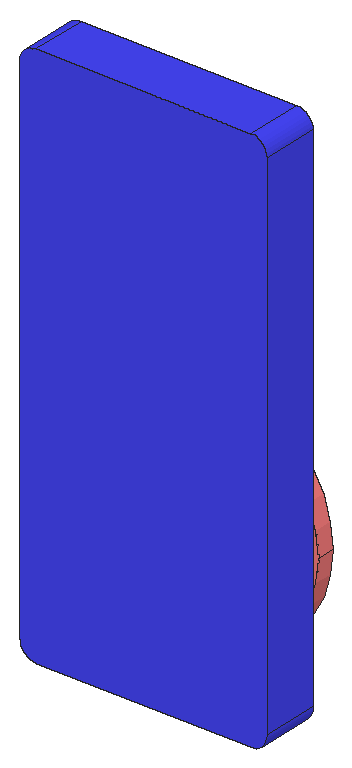
Revit family "Building-IEC309Connections-GEWISS-67IB-INTERLOCKED-SOCKET-OUTLETS_IP67_WITHOUT_BOTTOM_FUS", category Apparecchi elettrici, host Muro, Revit 2016
Family settings
  Host = Muro
  Mantenere orientamento annotazione = Sì
  Tipo di parte = Normale
  Quota connettore circolare = Usa diametro
  Numero OmniClass = 23.80.50.14
  Titolo OmniClass = Plug Connectors
  Sempre verticale = Sì
  Taglio con vuoti quando caricato = No
  Condiviso = No
  Punto di calcolo locali = No
Parameters (values of type "GW66358N - 32A 3P+E 380V V.INT.SOCK.O.N.B.3H CBF")
  Working temperature = "-25 ÷ +40 °C"
  With back-mounting box = "No"
  Weight (kg) = "Max. 0.9 Kg"
  Weight = "Max. 0.9 Kg"
  Vista di pianta [instance] = yes
  Vetro = GEWISS - vetro
  Version file RFA = "18.0"
  URL = "https://www.gewiss.com/ww/en"
  Typology = "Vertical"
  Type of fuse = "Ø 10.3x38 mm"
  Tipo Simbolo = PRESAINDPFUS : 3P
  Thermo-pressure with ball = "125 °C"
  Technical sheet = "https://www.gewiss.com/ww/en/search?q=GW66358N"
  Struttura frontale = GEWISS -BLU
  Struttura = GEWISS - Grigio RAL - 7035
  Simbolo [instance] = yes
  Shock resistance = "IK08"
  SEO = "Socket outlet"
  Reference h = "3"
  Realized by GEWISS S.p.A. = ""
  Rated voltage: = "380 - 440 V"
  Rated voltage = "380 - 440 V"
  Rated short-circuit current (Icc) = "10KA"
  Rated insulation voltage (Ui) = "500V"
  Rated impulse withstand voltage = "4KV"
  Rated frequency (Hz) = "50/60 Hz"
  Rated current (In) = "32"
  Rated current (A) = "32"
  Protection = "Fuse-holder base (CBF)"
  Produttore = "GEWISS S.p.A."
  Presa = GW - ROSSO
  Potenza = 400 V
  Operating temperature: = "-25 +40 °C"
  Numero poli = 3
  Number of poles = "3P+E"
  No. of poles = "3P+E"
  Modello = "GW66358N"
  Immagine tipo = GW66329N.jpg
  IP degree = "IP67"
  IFC.TypeObject = ""
  IFC.ExportType = ""
  IFC.ExportAs = ""
  IDT = "5410a18b-86cc-47a6-890a-93cf755ebe5d"
  IDF = "7497af57-3216-4345-8823-f8ebadf7cf6f"
  IB socket outlet rated current (In) = "28A"
  Glow wire test: = "850 °C"
  Glow Wire Test = "850 °C"
  Fuse breacking capacity = "> 50 kA"
  Frequency = "50/60 Hz"
  Electrocod = "2222"
  EAN code = "8011564742123"
  Distanza orizzontale del simbolo [instance] = 0 mm
  Distanza dal muro [instance] = 20 mm
  Descrizione = "32A 3P+E 380V V.INT.SOCK.O.N.B.3H CBF"
  Cornice simbolo [instance] = yes
  Colour: = "Red"
  Colour = "Red"
  Assembly Code = ""
  Classificazione carico = Altro
  Catalogue Range = "67 IB"
  Catalogue = "BUILDING"
  Carico apparente = 0 VA
  COBie.Tagnumber = ""
  COBie.CreatedOn = ""
  COBie.CreatebBy = ""
  COBie.ComponentRegisterItemID = ""
  COBie.Component.TagNumber = ""
  COBie.Component.Space = ""
  COBie.Component.SerialNumber = ""
  COBie.Component.InstallationDate = ""
  COBie.Component.Description = ""
  COBie.Component.BarCode = ""
  Altezza da terra = 1111.728 mm
Reference planes
  plane 1 "Muro": y = 0
  plane 2 "Centro (Sinistra/Destra)": x = 125
  plane 3 "Indietro": y = 75
  plane 4: z = 1111.728
  plane 5: x = 125
Lines and regions (mm)
  Masking region 1, visible <- "Vista di pianta"
    outline origin (0, -30, 0) x (1, 0, 0) y (0, 1, 0)
      loop
        line (78.101, 137.709) -> (78.101, 130.821) -> (171.899, 130.821) -> (171.899, 137.709) -> (78.101, 137.709)
      loop
        line (77.116, 126.991) -> (77.116, 105) -> (172.884, 105) -> (172.884, 126.991) -> (77.116, 126.991)
  Masking region 2, visible <- "Vista di pianta"
    outline origin (0, -30, 0) x (1, 0, 0) y (0, 1, 0)
      loop
        line (87.41, 126.991) -> (162.665, 126.991) -> (162.665, 130.821) -> (87.41, 130.821) -> (87.41, 126.991)
  Masking region 3
    outline origin (125, -30, 0) x (0, 1, 0) y (0, 0, 1)
      loop
        line (137.709, 1246.379) -> (137.709, 1308.54) -> (126.991, 1308.54) -> (126.991, 1246.379) -> (137.709, 1246.379)
      loop
        line (137.709, 1218.2) -> (126.991, 1218.2) -> (126.991, 1124.403) -> (137.709, 1124.403) -> (137.709, 1218.2)
  Masking region 4
    outline origin (125, -30, 0) x (0, 1, 0) y (0, 0, 1)
      loop
        line (105, 1115.344) -> (126.991, 1115.344) -> (126.991, 1328.112) -> (105, 1328.112) -> (105, 1115.344)
Text (mm)
  text "Lato posizionamento" at (-1848.837, 1116.779, 0), in view "Livello rif."
  text "Lato posizionamento" at (0, 1409.804, 2854.306), in view "Sinistra"
  text "Lato posizionamento" at (0, 499.811, 2980.732), in view "Destra"
Dimensions and locks
  locked: plane 3 "Indietro" to host wall
  "Altezza da terra": level to plane 4
  "Distanza orizzontale del simbolo": plane 5 to plane 2 "Centro (Sinistra/Destra)"
  aligned and locked: plane 1 "Muro" to host wall
  aligned and locked: nested 1 to plane 5
  aligned and locked: nested 2 to plane 2 "Centro (Sinistra/Destra)"
  aligned and locked: plane 3 "Indietro" to nested 2
Automatic sketch dimensions
  host wall to Masking region 1 sketch curve = 0 mm
  Masking region 1 sketch curve to plane 2 "Centro (Sinistra/Destra)" = 47.884 mm
  Masking region 1 sketch curve to Masking region 1 sketch curve = 0.986 mm  (x2)
  plane 2 "Centro (Sinistra/Destra)" to Masking region 1 sketch curve = 46.899 mm
  Masking region 1 sketch curve to Masking region 1 sketch curve = 21.991 mm
  Masking region 1 sketch curve to Masking region 1 sketch curve = 3.83 mm
  Masking region 1 sketch curve to Masking region 1 sketch curve = 6.888 mm
  Masking region 2 sketch curve to plane 2 "Centro (Sinistra/Destra)" = 37.59 mm
  plane 2 "Centro (Sinistra/Destra)" to Masking region 2 sketch curve = 37.665 mm
  Masking region 2 sketch curve to Masking region 2 sketch curve = 3.83 mm
  host wall to Masking region 3 sketch curve = 21.991 mm  (x2)
  Masking region 3 sketch curve to Masking region 3 sketch curve = 10.718 mm  (x2)
  plane 4 to Masking region 3 sketch curve = 12.674 mm
  Masking region 3 sketch curve to Masking region 3 sketch curve = 93.797 mm
  Masking region 3 sketch curve to Masking region 3 sketch curve = 28.179 mm
  Masking region 3 sketch curve to Masking region 3 sketch curve = 62.161 mm
  host wall to Masking region 4 sketch curve = 0 mm
  Masking region 4 sketch curve to Masking region 4 sketch curve = 21.991 mm
  plane 4 to Masking region 4 sketch curve = 3.616 mm
  Masking region 4 sketch curve to Masking region 4 sketch curve = 212.768 mm
  host wall to Masking region 2 sketch curve = 21.991 mm
Nested families
  nested 1: "PRESAINDPFUS" at (125, -325, 0), Distanza dal muro <- "Distanza dal muro", BORDO ACCESO <- "Cornice simbolo", SIMBOLO ACCESO <- "Simbolo", type <- "Tipo Simbolo", type "3P"
    with SIMBOLO ACCESO yes, Distanza dal muro 20 mm, BORDO ACCESO yes
  nested 2: "IB PRESE INTERBLOC VERT_NO FONDO" at (125, 45, 524.845) x (-1, 0, 0) z (0, 0, 1), type "IB PRESE INTERBLOC VERT_NO FONDO"
  nested 3: "2D - IB PRESE INTERBLOC VERT 63A + PORTAFUS IP67_103" at (125, 0, 1111.728) x (-1, 0, 0) z (0, -1, 0), type "BIDIMENSIONALE"
Connectors
  electrical at (125, 90, 1111.728), driven by "Numero poli", driven by "Classificazione carico", driven by "Potenza", driven by "Carico apparente"
    settings: on nested 2, index 1, voltage 400 V, apparent load 0 VA, apparent load phase1 0 VA, apparent load phase2 0 VA, apparent load phase3 0 VA, power factor 1, load classification "Altro", number of poles 3, system type 31, power factor state 1, is connector primary yes, connector utility no, sub classification motor no, connector description ""
Definition of nested family "IB PRESE INTERBLOC VERT_NO FONDO"
  Parameters (values of type "IB PRESE INTERBLOC VERT_NO FONDO")
    Vetro = none
    Struttura frontale = none
    Struttura = none
    Spessore = 30 mm
    Default Elevation = 14 mm
    Presa = none
    Lunghezza = 103 mm
    IFC.TypeObject = ""
    IFC.ExportType = ""
    IFC.ExportAs = ""
    H_da terra = 586.883 mm
    COBie.CreatedOn = ""
    COBie.CreatebBy = ""
    COBie.ComponentRegisterItemID = ""
    COBie.Component.TagNumber = ""
    COBie.Component.Space = ""
    COBie.Component.SerialNumber = ""
    COBie.Component.InstallationDate = ""
    COBie.Component.Description = ""
    COBie.Component.BarCode = ""
    Altezza = 220 mm
  Reference planes
    plane 1 "Centro (Fronte/Retro)": y = 0
    plane 2: z = 0
    plane 3 "Centro (Sinistra/Destra)": x = 0
    plane 4: y = -30
    plane 5: x = -51.5
    plane 6: x = 51.5
    plane 7: z = 586.883
    plane 8: z = 806.883
    plane 9: x = -47.884
    plane 10: x = 47.884
    plane 11: z = 803.267
    plane 12: z = 590.499
    plane 13: y = -32
    plane 14: y = -42.675
    plane 15: y = -51.991
    plane 16: y = -52.991
  Forms (mm)
    Extrusion 1, solid, material <- "Struttura"
      sketch origin (0, 0, 0) x (1, 0, 0) y (0, 0, 1)
        loop
          line (-0.408, 691.748) -> (-29.506, 691.748)
          spline (-29.506, 691.748) -> (-30.55, 691.681) -> (-31.576, 691.48) -> (-32.567, 691.148) -> (-33.505, 690.693) -> (-34.375, 690.12) -> (-35.161, 689.441) -> (-35.851, 688.666) -> (-36.432, 687.809) -> (-36.895, 686.885) -> (-37.231, 685.909) -> (-37.435, 684.898) -> (-37.503, 683.87)
          line (-37.503, 683.87) -> (-37.503, 615.12)
          spline (-37.503, 615.12) -> (-37.435, 614.091) -> (-37.231, 613.081) -> (-36.895, 612.105) -> (-36.432, 611.18) -> (-35.851, 610.324) -> (-35.161, 609.549) -> (-34.375, 608.869) -> (-33.505, 608.297) -> (-32.567, 607.841) -> (-31.576, 607.51) -> (-30.55, 607.309) -> (-29.506, 607.241)
          line (-29.506, 607.241) -> (0, 607.241) -> (29.506, 607.241)
          spline (29.506, 607.241) -> (30.55, 607.309) -> (31.576, 607.51) -> (32.567, 607.841) -> (33.505, 608.297) -> (34.375, 608.869) -> (35.161, 609.549) -> (35.851, 610.324) -> (36.432, 611.18) -> (36.895, 612.105) -> (37.231, 613.081) -> (37.435, 614.091) -> (37.503, 615.12)
          line (37.503, 615.12) -> (37.503, 683.87)
          spline (37.503, 683.87) -> (37.435, 684.898) -> (37.231, 685.909) -> (36.895, 686.885) -> (36.432, 687.809) -> (35.851, 688.666) -> (35.161, 689.441) -> (34.375, 690.12) -> (33.505, 690.693) -> (32.567, 691.148) -> (31.576, 691.48) -> (30.55, 691.681) -> (29.506, 691.748)
          line (29.506, 691.748) -> (-0.408, 691.748)
      from 51.991 to 55.821
    Extrusion 2, solid, material <- "Presa"
      sketch origin (0, 0, 0) x (1, 0, 0) y (0, 0, 1)
        loop
          circle (0, 646.456) r 46.899
      from 55.821 to 62.709
    Extrusion 3, solid, material <- "Struttura"
      sketch origin (0, 0, 0) x (1, 0, 0) y (0, 0, 1)
        loop
          circle (0, 752.384) r 30.831
        loop
          circle (0, 752.384) r 26.483
      from 51.991 to 62.709
    Extrusion 4, solid, material <- "Struttura"
      sketch origin (0, 0, 0) x (1, 0, 0) y (0, 0, 1)
        loop
          arc (-9.552, 750.899) -> (-7.429, 739.645) -> (-7.314, 728.193) r 64.983
          arc (-7.314, 728.193) -> (-0.131, 727.067) -> (7.064, 728.115) r 24.316
          arc (7.064, 728.115) -> (7.302, 739.566) -> (9.547, 750.796) r 64.983
          arc (9.547, 750.796) -> (5.519, 762.425) -> (4.215, 774.661) r 54.251
          line (4.215, 774.661) -> (4.25, 777.658)
          arc (4.25, 777.658) -> (3.985, 778.329) -> (3.336, 778.647) r 1
          arc (3.336, 778.647) -> (0.147, 778.794) -> (-3.043, 778.682) r 39.364
          arc (-3.043, 778.682) -> (-3.695, 778.371) -> (-3.967, 777.702) r 1
          line (-3.967, 777.702) -> (-3.964, 774.706)
          arc (-3.964, 774.706) -> (-5.4, 762.483) -> (-9.552, 750.899) r 54.251
      from 51.991 to 62.709
    Extrusion 5, solid, material <- "Struttura frontale"
      sketch origin (0, 0, 0) x (1, 0, 0) y (0, 0, 1)
        loop
          arc (47.884, 796.962) -> (46.037, 801.42) -> (41.578, 803.267) r 6.306
          line (41.578, 803.267) -> (-41.578, 803.267)
          arc (-41.578, 803.267) -> (-46.037, 801.42) -> (-47.884, 796.962) r 6.306
          line (-47.884, 796.962) -> (-47.884, 597.014)
          arc (-47.884, 597.014) -> (-45.976, 592.407) -> (-41.369, 590.499) r 6.515
          line (-41.369, 590.499) -> (41.369, 590.499)
          arc (41.369, 590.499) -> (45.976, 592.407) -> (47.884, 597.014) r 6.515
          line (47.884, 597.014) -> (47.884, 796.962)
      from 30 to 51.991
    Extrusion 6, solid, material <- "Struttura frontale"
      sketch origin (-151.5, 0, -2.644) x (1, 0, 0) y (0, 0, 1)
        loop
          line (111.678, 714.099) -> (111.833, 703.593)
          spline (111.833, 703.593) -> (111.86, 703.272) -> (111.928, 702.956) -> (112.037, 702.651) -> (112.186, 702.363) -> (112.371, 702.095) -> (112.59, 701.853) -> (112.839, 701.641) -> (113.113, 701.463) -> (113.408, 701.32) -> (113.719, 701.217) -> (114.04, 701.154) -> (114.367, 701.133)
          line (114.367, 701.133) -> (128.633, 701.133)
          spline (128.633, 701.133) -> (128.96, 701.154) -> (129.281, 701.217) -> (129.592, 701.32) -> (129.887, 701.463) -> (130.161, 701.641) -> (130.41, 701.853) -> (130.629, 702.095) -> (130.814, 702.363) -> (130.963, 702.651) -> (131.072, 702.956) -> (131.14, 703.272) -> (131.167, 703.593)
          line (131.167, 703.593) -> (131.322, 714.099) -> (111.678, 714.099)
        loop
          line (171.678, 714.099) -> (171.833, 703.593)
          spline (171.833, 703.593) -> (171.86, 703.272) -> (171.928, 702.956) -> (172.037, 702.651) -> (172.186, 702.363) -> (172.371, 702.095) -> (172.59, 701.853) -> (172.839, 701.641) -> (173.113, 701.463) -> (173.408, 701.32) -> (173.719, 701.217) -> (174.04, 701.154) -> (174.367, 701.133)
          line (174.367, 701.133) -> (188.633, 701.133)
          spline (188.633, 701.133) -> (188.96, 701.154) -> (189.281, 701.217) -> (189.592, 701.32) -> (189.887, 701.463) -> (190.161, 701.641) -> (190.41, 701.853) -> (190.629, 702.095) -> (190.814, 702.363) -> (190.963, 702.651) -> (191.072, 702.956) -> (191.14, 703.272) -> (191.167, 703.593)
          line (191.167, 703.593) -> (191.322, 714.099) -> (171.678, 714.099)
      from 51.991 to 52.991
  Dimensions and locks
    "H_da terra": plane 7 to level
    "Altezza": plane 8 to plane 7
    equal spacing: plane 5, plane 3 "Centro (Sinistra/Destra)", plane 6
    "Lunghezza": plane 5 to plane 6
    locked: plane 8 to plane 11 at 3.616
    locked: plane 12 to plane 7 at 3.616
    locked: plane 5 to plane 9 at 3.616
    locked: plane 6 to plane 10 at 3.616
    "Spessore": plane 4 to plane 1 "Centro (Fronte/Retro)"
    locked: plane 13 to plane 4 at 2
    plane 14 to plane 4 = 12.675 mm
    locked: Extrusion 5 to plane 14 at 9.315
    locked: plane 15 to plane 16 at 1
    aligned and locked: level to plane 2
    aligned and locked: Extrusion 5 sketch curve to plane 10
    aligned and locked: Extrusion 5 sketch curve to plane 9
    aligned and locked: Extrusion 5 sketch curve to plane 12
    aligned and locked: Extrusion 5 sketch curve to plane 11
    aligned and locked: plane 4 to Extrusion 5
    aligned and locked: Extrusion 3 to Extrusion 5
    aligned and locked: Extrusion 3 to Extrusion 4  (x2)
    aligned and locked: Extrusion 3 to Extrusion 2
    aligned and locked: Extrusion 2 to Extrusion 1
    aligned and locked: Extrusion 6 to Extrusion 1
    aligned and locked: plane 15 to Extrusion 5
    aligned and locked: Extrusion 6 to plane 16
  Automatic sketch dimensions
    Extrusion 1 sketch curve to plane 9 = 10.381 mm
    Extrusion 1 sketch curve to Extrusion 1 sketch curve = 7.997 mm  (x3)
    Extrusion 1 sketch curve to plane 10 = 18.378 mm  (x2)
    Extrusion 1 sketch curve to plane 12 = 16.742 mm
    Extrusion 1 sketch curve to Extrusion 1 sketch curve = 7.878 mm  (x3)
    Extrusion 1 sketch curve to Extrusion 1 sketch curve = 68.75 mm
    Extrusion 1 sketch curve to Extrusion 1 sketch curve = 0 mm
    Extrusion 1 sketch curve to Extrusion 1 sketch curve = 21.102 mm
    Extrusion 1 sketch curve to Extrusion 1 sketch curve = 21.51 mm
    Extrusion 2 sketch curve to plane 3 "Centro (Sinistra/Destra)" = 0 mm
    Extrusion 2 sketch curve to plane 12 = 55.957 mm
    Extrusion 3 sketch curve to Extrusion 3 sketch curve = 0 mm  (x2)
    Extrusion 3 sketch curve to plane 3 "Centro (Sinistra/Destra)" = 0 mm
    Extrusion 3 sketch curve to plane 11 = 50.884 mm
    plane 5 to Extrusion 4 sketch curve = 6.715 mm
    Extrusion 4 sketch curve to plane 3 "Centro (Sinistra/Destra)" = 3.967 mm
    Extrusion 4 sketch curve to Extrusion 4 sketch curve = 0.003 mm
    Extrusion 4 sketch curve to Extrusion 4 sketch curve = 1 mm  (x2)
    Extrusion 4 sketch curve to plane 3 "Centro (Sinistra/Destra)" = 0.064 mm
    plane 3 "Centro (Sinistra/Destra)" to Extrusion 4 sketch curve = 3.25 mm
    Extrusion 4 sketch curve to Extrusion 4 sketch curve = 0.965 mm
    plane 6 to Extrusion 4 sketch curve = 6.965 mm
    Extrusion 4 sketch curve to plane 11 = 29.014 mm
    Extrusion 4 sketch curve to plane 11 = 28.606 mm
    Extrusion 4 sketch curve to plane 11 = 28.387 mm
    Extrusion 4 sketch curve to Extrusion 4 sketch curve = 0.044 mm
    Extrusion 4 sketch curve to Extrusion 4 sketch curve = 2.99 mm
    Extrusion 4 sketch curve to Extrusion 4 sketch curve = 0.007 mm
    Extrusion 4 sketch curve to Extrusion 4 sketch curve = 2.979 mm
    Extrusion 4 sketch curve to Extrusion 4 sketch curve = 0.018 mm
    Extrusion 4 sketch curve to plane 3 "Centro (Sinistra/Destra)" = 9.552 mm
    Extrusion 4 sketch curve to Extrusion 4 sketch curve = 0.076 mm
    plane 3 "Centro (Sinistra/Destra)" to Extrusion 4 sketch curve = 9.547 mm
    Extrusion 4 sketch curve to plane 3 "Centro (Sinistra/Destra)" = 0 mm
    plane 5 to Extrusion 4 sketch curve = 20.598 mm
    plane 6 to Extrusion 4 sketch curve = 20.4 mm
    Extrusion 4 sketch curve to Extrusion 4 sketch curve = 0.587 mm
    Extrusion 4 sketch curve to plane 3 "Centro (Sinistra/Destra)" = 7.314 mm
    plane 3 "Centro (Sinistra/Destra)" to Extrusion 4 sketch curve = 7.064 mm
    Extrusion 4 sketch curve to Extrusion 4 sketch curve = 11.238 mm
    Extrusion 4 sketch curve to Extrusion 4 sketch curve = 11.315 mm
    Extrusion 5 sketch curve to plane 9 = 6.306 mm
    Extrusion 5 sketch curve to plane 9 = 6.515 mm
    Extrusion 5 sketch curve to Extrusion 5 sketch curve = 6.515 mm
    Extrusion 5 sketch curve to Extrusion 5 sketch curve = 6.306 mm
    Extrusion 6 sketch curve to plane 6 = 31.322 mm
    Extrusion 6 sketch curve to plane 11 = 91.813 mm
    Extrusion 6 sketch curve to Extrusion 6 sketch curve = 40.355 mm
    Extrusion 6 sketch curve to Extrusion 6 sketch curve = 19.645 mm  (x2)
    Extrusion 6 sketch curve to Extrusion 6 sketch curve = 0.156 mm  (x2)
    Extrusion 6 sketch curve to Extrusion 6 sketch curve = 10.506 mm  (x2)
    Extrusion 6 sketch curve to Extrusion 6 sketch curve = 0 mm  (x4)
    Extrusion 6 sketch curve to Extrusion 6 sketch curve = 2.503 mm
    Extrusion 6 sketch curve to Extrusion 6 sketch curve = 0.03 mm  (x4)
    Extrusion 6 sketch curve to Extrusion 6 sketch curve = 2.367 mm  (x3)
    Extrusion 6 sketch curve to Extrusion 6 sketch curve = 0.826 mm
    Extrusion 6 sketch curve to Extrusion 6 sketch curve = 11.93 mm
    Extrusion 6 sketch curve to Extrusion 6 sketch curve = 1.635 mm
    Extrusion 6 sketch curve to Extrusion 6 sketch curve = 0.137 mm  (x2)
    Extrusion 6 sketch curve to Extrusion 6 sketch curve = 2.46 mm  (x3)
    Extrusion 6 sketch curve to Extrusion 6 sketch curve = 2.533 mm  (x2)
    Extrusion 6 sketch curve to Extrusion 6 sketch curve = 2.689 mm
    radius of Extrusion 2 sketch curve = 46.899 mm
    radius of Extrusion 3 sketch curve = 30.831 mm
    radius of Extrusion 3 sketch curve = 26.483 mm
Definition of nested family "PRESAINDPFUS"
  Parameters (values of type "2P")
    SIMBOLO ACCESO [instance] = yes
    SIMBOLO = PRESAINDPFUS_BASE : 2P
    Distanza dal muro [instance] = 0 mm
    BORDO ACCESO [instance] = yes
  Types (2, lengths in mm): name | SIMBOLO
    2P | PRESAINDPFUS_BASE : 2P
    3P | PRESAINDPFUS_BASE : 3P
  Reference planes
    plane 1: y = 0
    plane 2: x = 0
  Dimensions and locks
    "Distanza dal muro": plane 1 to nested 1
    aligned and locked: plane 2 to nested 1
  Nested families
    nested 1: "PRESAINDPFUS_BASE" at (0, 0, 0), type <- "SIMBOLO", CORNICE SIMBOLO <- "BORDO ACCESO", visible <- "SIMBOLO ACCESO", type "2P"
  Definition of nested family "PRESAINDPFUS_BASE"
    Parameters (values of type "3P")
      CORNICE SIMBOLO [instance] = yes
      3P = yes
    Types (2, lengths in mm): name | 3P
      3P | yes
      2P | no
    Reference planes
      plane 1: y = 0
      plane 2: x = 0
    Lines and regions (mm)
      detail lines, visible <- "CORNICE SIMBOLO"
        curve 1: line (-0.9, 2.3, 0) -> (0.9, 2.3, 0)
        curve 2: line (0.9, 2.3, 0) -> (0.9, 0, 0)
        curve 3: line (0.9, 0, 0) -> (-0.9, 0, 0)
        curve 4: line (-0.9, 0, 0) -> (-0.9, 2.3, 0)
      detail lines, not visible
        curve 5: line (-2.443, 10.208, 0) -> (2.057, 10.208, 0)
        curve 6: line (2.057, 10.208, 0) -> (2.057, 4.208, 0)
        curve 7: line (2.057, 4.208, 0) -> (-2.443, 4.208, 0)
        curve 8: line (-2.443, 4.208, 0) -> (-2.443, 10.208, 0)
        curve 9: line (-2.043, 9.808, 0) -> (1.657, 9.808, 0)
        curve 10: line (1.657, 9.808, 0) -> (1.657, 4.608, 0)
        curve 11: line (1.657, 4.608, 0) -> (-2.043, 4.608, 0)
        curve 12: line (-2.043, 4.608, 0) -> (-2.043, 9.808, 0)
      detail lines
        curve 13: line (-0.45, 0.969, 0) -> (-0.167, 0.969, 0)
        curve 14: line (-0.167, 0.969, 0) -> (0.33, 1.829, 0)
        curve 15: line (0.33, 1.829, 0) -> (0.836, 1.536, 0)
        curve 16: line (-0.167, 0.969, 0) -> (-0.45, 0.478, 0)
        curve 17: line (-0.45, 0.478, 0) -> (-0.45, 2.241, 0)
        curve 18: line (0.135, 1.491, 0) -> (0.641, 1.199, 0)
        curve 19: line (-0.84, 0.478, 0) -> (-0.06, 0.478, 0)
        curve 20: line (-0.45, 0.852, 0) -> (-0.333, 0.969, 0)
        curve 21: line (-0.45, 0.783, 0) -> (-0.264, 0.969, 0)
        curve 22: line (-0.45, 0.714, 0) -> (-0.195, 0.969, 0)
        curve 23: line (-0.45, 0.645, 0) -> (-0.223, 0.872, 0)
        curve 24: line (-0.45, 0.576, 0) -> (-0.317, 0.709, 0)
        curve 26: arc (-0.84, 0.089, 0) -> (-0.45, 0.478, 0) -> (-0.06, 0.089, 0) r 0.39
        curve 27: line (-0.608, 1.143, 0) -> (-0.608, 1.964, 0)
        curve 28: line (-0.608, 1.964, 0) -> (-0.292, 1.964, 0)
        curve 29: line (-0.292, 1.964, 0) -> (-0.292, 1.143, 0)
        curve 30: line (-0.292, 1.143, 0) -> (-0.608, 1.143, 0)
      detail lines, visible <- "3P"
        curve 25: line (-0.06, 1.154, 0) -> (0.446, 0.861, 0)
Definition of nested family "2D - IB PRESE INTERBLOC VERT 63A + PORTAFUS IP67_103"
  Reference planes
    plane 1 "Centro (Fronte/Retro)": y = 0
    plane 2: z = 0
    plane 3 "Centro (Sinistra/Destra)": x = 0
  Lines and regions (mm)
    model lines, in view "Livello rif."
      curve 1: line (-11.497, 59.819, 0) -> (11.787, 59.819, 0)
      curve 2: arc (16.5, 109.807, 0) -> (16.207, 110.514, 0) -> (15.5, 110.807, 0) r 1
      curve 3: arc (-15.5, 110.807, 0) -> (-16.207, 110.514, 0) -> (-16.5, 109.807, 0) r 1
      curve 4: spline (29.5, 21.126, 0) -> (30.544, 21.194, 0) -> (31.57, 21.395, 0) -> (32.56, 21.728, 0) -> (33.499, 22.185, 0) -> (34.369, 22.759, 0) -> (35.155, 23.441, 0) -> (35.845, 24.218, 0) -> (36.427, 25.078, 0) -> (36.89, 26.005, 0) -> (37.226, 26.984, 0) -> (37.431, 27.998, 0) -> (37.5, 29.03, 0)
      curve 5: spline (-37.5, 29.025, 0) -> (-37.43, 27.994, 0) -> (-37.225, 26.98, 0) -> (-36.888, 26.002, 0) -> (-36.425, 25.075, 0) -> (-35.843, 24.216, 0) -> (-35.154, 23.439, 0) -> (-34.367, 22.758, 0) -> (-33.497, 22.184, 0) -> (-32.559, 21.727, 0) -> (-31.569, 21.395, 0) -> (-30.543, 21.194, 0) -> (-29.5, 21.126, 0)
      curve 6: spline (-34.559, 79.268, 0) -> (-34.539, 79.119, 0) -> (-34.479, 78.943, 0) -> (-34.38, 78.742, 0) -> (-34.243, 78.521, 0) -> (-34.072, 78.282, 0) -> (-33.869, 78.031, 0) -> (-33.637, 77.771, 0) -> (-33.381, 77.506, 0) -> (-33.104, 77.242, 0) -> (-32.812, 76.983, 0) -> (-32.51, 76.733, 0) -> (-32.202, 76.496, 0)
      curve 7: spline (-26.332, 86.8, 0) -> (-26.317, 86.647, 0) -> (-26.271, 86.458, 0) -> (-26.196, 86.236, 0) -> (-26.092, 85.985, 0) -> (-25.961, 85.709, 0) -> (-25.807, 85.413, 0) -> (-25.63, 85.103, 0) -> (-25.435, 84.782, 0) -> (-25.224, 84.458, 0) -> (-25.002, 84.135, 0) -> (-24.771, 83.819, 0) -> (-24.537, 83.516, 0)
      curve 8: spline (-43.546, 59.6, 0) -> (-43.52, 59.463, 0) -> (-43.444, 59.321, 0) -> (-43.319, 59.177, 0) -> (-43.147, 59.033, 0) -> (-42.931, 58.892, 0) -> (-42.675, 58.757, 0) -> (-42.383, 58.629, 0) -> (-42.06, 58.51, 0) -> (-41.712, 58.404, 0) -> (-41.345, 58.311, 0) -> (-40.964, 58.233, 0) -> (-40.577, 58.171, 0)
      curve 9: spline (-40.43, 69.99, 0) -> (-40.406, 69.847, 0) -> (-40.336, 69.687, 0) -> (-40.22, 69.513, 0) -> (-40.061, 69.328, 0) -> (-39.86, 69.136, 0) -> (-39.622, 68.939, 0) -> (-39.351, 68.741, 0) -> (-39.052, 68.545, 0) -> (-38.728, 68.355, 0) -> (-38.387, 68.175, 0) -> (-38.033, 68.006, 0) -> (-37.673, 67.852, 0)
      curve 10: spline (-40.846, 38.237, 0) -> (-40.787, 38.136, 0) -> (-40.688, 38.054, 0) -> (-40.551, 37.992, 0) -> (-40.377, 37.951, 0) -> (-40.17, 37.93, 0) -> (-39.932, 37.931, 0) -> (-39.667, 37.954, 0) -> (-39.378, 37.998, 0) -> (-39.07, 38.062, 0) -> (-38.748, 38.146, 0) -> (-38.416, 38.248, 0) -> (-38.079, 38.367, 0)
      curve 11: spline (-43.691, 48.765, 0) -> (-43.651, 48.64, 0) -> (-43.563, 48.522, 0) -> (-43.429, 48.415, 0) -> (-43.251, 48.32, 0) -> (-43.032, 48.238, 0) -> (-42.776, 48.17, 0) -> (-42.486, 48.118, 0) -> (-42.168, 48.083, 0) -> (-41.826, 48.065, 0) -> (-41.465, 48.064, 0) -> (-41.093, 48.081, 0) -> (-40.715, 48.114, 0)
      curve 12: spline (-34.579, 28.988, 0) -> (-34.529, 28.939, 0) -> (-34.457, 28.908, 0) -> (-34.364, 28.897, 0) -> (-34.251, 28.904, 0) -> (-34.119, 28.931, 0) -> (-33.971, 28.976, 0) -> (-33.807, 29.04, 0) -> (-33.631, 29.12, 0) -> (-33.444, 29.217, 0) -> (-33.25, 29.329, 0) -> (-33.05, 29.455, 0) -> (-32.847, 29.592, 0)
      curve 13: spline (-17.008, 15.964, 0) -> (-16.976, 15.958, 0) -> (-16.936, 15.975, 0) -> (-16.887, 16.015, 0) -> (-16.83, 16.077, 0) -> (-16.765, 16.161, 0) -> (-16.694, 16.266, 0) -> (-16.617, 16.39, 0) -> (-16.536, 16.532, 0) -> (-16.45, 16.691, 0) -> (-16.361, 16.865, 0) -> (-16.27, 17.051, 0) -> (-16.178, 17.248, 0)
      curve 14: spline (15.2, 16.867, 0) -> (15.282, 16.677, 0) -> (15.364, 16.495, 0) -> (15.444, 16.326, 0) -> (15.522, 16.17, 0) -> (15.596, 16.029, 0) -> (15.666, 15.904, 0) -> (15.732, 15.797, 0) -> (15.792, 15.708, 0) -> (15.846, 15.64, 0) -> (15.893, 15.591, 0) -> (15.933, 15.564, 0) -> (15.965, 15.558, 0)
      curve 15: spline (34.501, 27.901, 0) -> (34.51, 27.913, 0) -> (34.519, 27.925, 0) -> (34.526, 27.938, 0) -> (34.533, 27.952, 0) -> (34.539, 27.966, 0) -> (34.544, 27.981, 0) -> (34.549, 27.997, 0) -> (34.552, 28.013, 0) -> (34.555, 28.03, 0) -> (34.557, 28.047, 0) -> (34.558, 28.065, 0) -> (34.559, 28.084, 0)
      curve 16: spline (32.202, 28.803, 0) -> (32.467, 28.613, 0) -> (32.728, 28.439, 0) -> (32.982, 28.283, 0) -> (33.227, 28.146, 0) -> (33.458, 28.03, 0) -> (33.674, 27.938, 0) -> (33.871, 27.869, 0) -> (34.047, 27.824, 0) -> (34.2, 27.805, 0) -> (34.328, 27.812, 0) -> (34.428, 27.844, 0) -> (34.501, 27.901, 0)
      curve 17: spline (24.537, 21.783, 0) -> (24.725, 21.552, 0) -> (24.912, 21.335, 0) -> (25.094, 21.133, 0) -> (25.27, 20.951, 0) -> (25.438, 20.789, 0) -> (25.596, 20.649, 0) -> (25.742, 20.533, 0) -> (25.875, 20.442, 0) -> (25.993, 20.377, 0) -> (26.095, 20.339, 0) -> (26.18, 20.329, 0) -> (26.247, 20.346, 0)
      curve 18: spline (32.202, 28.803, 0) -> (32.392, 28.667, 0) -> (32.58, 28.541, 0) -> (32.763, 28.428, 0) -> (32.939, 28.329, 0) -> (33.107, 28.244, 0) -> (33.263, 28.176, 0) -> (33.407, 28.124, 0) -> (33.536, 28.089, 0) -> (33.648, 28.072, 0) -> (33.744, 28.074, 0) -> (33.82, 28.093, 0) -> (33.877, 28.13, 0)
      curve 19: spline (37.673, 37.447, 0) -> (37.996, 37.324, 0) -> (38.314, 37.217, 0) -> (38.624, 37.127, 0) -> (38.92, 37.055, 0) -> (39.2, 37.003, 0) -> (39.458, 36.971, 0) -> (39.692, 36.96, 0) -> (39.898, 36.97, 0) -> (40.073, 37, 0) -> (40.215, 37.051, 0) -> (40.323, 37.121, 0) -> (40.394, 37.21, 0)
      curve 20: spline (40.577, 47.128, 0) -> (40.951, 47.085, 0) -> (41.32, 47.059, 0) -> (41.677, 47.051, 0) -> (42.016, 47.061, 0) -> (42.333, 47.087, 0) -> (42.621, 47.131, 0) -> (42.876, 47.192, 0) -> (43.095, 47.268, 0) -> (43.273, 47.357, 0) -> (43.409, 47.46, 0) -> (43.498, 47.574, 0) -> (43.542, 47.697, 0)
      curve 21: spline (38.079, 66.932, 0) -> (38.442, 67.078, 0) -> (38.8, 67.238, 0) -> (39.145, 67.41, 0) -> (39.472, 67.592, 0) -> (39.775, 67.781, 0) -> (40.049, 67.972, 0) -> (40.289, 68.163, 0) -> (40.491, 68.35, 0) -> (40.653, 68.531, 0) -> (40.77, 68.702, 0) -> (40.841, 68.861, 0) -> (40.865, 69.003, 0)
      curve 22: spline (40.715, 57.185, 0) -> (41.104, 57.237, 0) -> (41.486, 57.305, 0) -> (41.855, 57.39, 0) -> (42.205, 57.488, 0) -> (42.529, 57.599, 0) -> (42.822, 57.72, 0) -> (43.078, 57.849, 0) -> (43.295, 57.985, 0) -> (43.467, 58.125, 0) -> (43.593, 58.266, 0) -> (43.669, 58.406, 0) -> (43.694, 58.542, 0)
      curve 23: spline (25.377, 82.91, 0) -> (25.62, 83.208, 0) -> (25.858, 83.518, 0) -> (26.088, 83.835, 0) -> (26.306, 84.154, 0) -> (26.508, 84.47, 0) -> (26.69, 84.776, 0) -> (26.85, 85.068, 0) -> (26.985, 85.34, 0) -> (27.093, 85.589, 0) -> (27.171, 85.809, 0) -> (27.218, 85.997, 0) -> (27.234, 86.15, 0)
      curve 24: spline (5.876, 90.779, 0) -> (5.932, 91.152, 0) -> (5.987, 91.536, 0) -> (6.041, 91.925, 0) -> (6.091, 92.312, 0) -> (6.138, 92.69, 0) -> (6.18, 93.052, 0) -> (6.217, 93.394, 0) -> (6.248, 93.708, 0) -> (6.273, 93.99, 0) -> (6.291, 94.235, 0) -> (6.302, 94.437, 0) -> (6.306, 94.595, 0)
      curve 25: spline (-16.312, 92.076, 0) -> (-16.302, 91.919, 0) -> (-16.274, 91.721, 0) -> (-16.227, 91.484, 0) -> (-16.163, 91.212, 0) -> (-16.082, 90.91, 0) -> (-15.986, 90.583, 0) -> (-15.877, 90.237, 0) -> (-15.756, 89.878, 0) -> (-15.625, 89.512, 0) -> (-15.487, 89.144, 0) -> (-15.345, 88.782, 0) -> (-15.2, 88.432, 0)
      curve 26: spline (-27.175, 21.015, 0) -> (-27.113, 20.981, 0) -> (-27.03, 20.977, 0) -> (-26.928, 21.002, 0) -> (-26.807, 21.056, 0) -> (-26.668, 21.138, 0) -> (-26.514, 21.248, 0) -> (-26.346, 21.384, 0) -> (-26.167, 21.545, 0) -> (-25.978, 21.728, 0) -> (-25.782, 21.931, 0) -> (-25.581, 22.153, 0) -> (-25.377, 22.389, 0)
      curve 27: spline (-6.283, 12.574, 0) -> (-6.267, 12.583, 0) -> (-6.246, 12.623, 0) -> (-6.221, 12.694, 0) -> (-6.193, 12.797, 0) -> (-6.161, 12.928, 0) -> (-6.126, 13.088, 0) -> (-6.089, 13.274, 0) -> (-6.049, 13.484, 0) -> (-6.008, 13.716, 0) -> (-5.965, 13.968, 0) -> (-5.921, 14.237, 0) -> (-5.876, 14.52, 0)
      curve 28: spline (15.2, 16.867, 0) -> (15.315, 16.602, 0) -> (15.429, 16.35, 0) -> (15.54, 16.115, 0) -> (15.648, 15.899, 0) -> (15.751, 15.704, 0) -> (15.848, 15.533, 0) -> (15.938, 15.388, 0) -> (16.02, 15.269, 0) -> (16.093, 15.179, 0) -> (16.157, 15.117, 0) -> (16.211, 15.086, 0) -> (16.253, 15.084, 0)
      curve 29: spline (16.253, 15.084, 0) -> (16.262, 15.089, 0) -> (16.271, 15.096, 0) -> (16.279, 15.105, 0) -> (16.286, 15.116, 0) -> (16.292, 15.128, 0) -> (16.297, 15.143, 0) -> (16.301, 15.16, 0) -> (16.305, 15.179, 0) -> (16.308, 15.2, 0) -> (16.31, 15.223, 0) -> (16.311, 15.248, 0) -> (16.312, 15.275, 0)
      curve 30: spline (27.234, 89.228, 0) -> (26.474, 89.779, 0) -> (25.701, 90.314, 0) -> (24.916, 90.833, 0) -> (24.118, 91.335, 0) -> (23.31, 91.821, 0) -> (22.49, 92.291, 0) -> (21.66, 92.743, 0) -> (20.819, 93.179, 0) -> (19.969, 93.597, 0) -> (19.109, 93.998, 0) -> (18.24, 94.38, 0) -> (17.362, 94.745, 0)
      curve 31: spline (40.865, 72.082, 0) -> (40.499, 72.916, 0) -> (40.114, 73.742, 0) -> (39.71, 74.56, 0) -> (39.288, 75.37, 0) -> (38.846, 76.171, 0) -> (38.386, 76.963, 0) -> (37.908, 77.745, 0) -> (37.411, 78.517, 0) -> (36.897, 79.279, 0) -> (36.366, 80.03, 0) -> (35.817, 80.77, 0) -> (35.251, 81.498, 0)
      curve 32: spline (43.546, 50.828, 0) -> (43.618, 51.319, 0) -> (43.684, 51.81, 0) -> (43.744, 52.303, 0) -> (43.798, 52.796, 0) -> (43.845, 53.289, 0) -> (43.886, 53.783, 0) -> (43.921, 54.278, 0) -> (43.949, 54.772, 0) -> (43.972, 55.267, 0) -> (43.987, 55.763, 0) -> (43.997, 56.258, 0) -> (44, 56.754, 0)
      curve 33: spline (44, 58.464, 0) -> (43.978, 59.772, 0) -> (43.912, 61.079, 0) -> (43.802, 62.384, 0) -> (43.648, 63.684, 0) -> (43.45, 64.979, 0) -> (43.209, 66.268, 0) -> (42.925, 67.549, 0) -> (42.597, 68.821, 0) -> (42.227, 70.082, 0) -> (41.815, 71.332, 0) -> (41.36, 72.569, 0) -> (40.865, 73.792, 0)
      curve 34: spline (40.865, 73.792, 0) -> (38.386, 78.673, 0) -> (35.251, 83.208, 0) -> (31.512, 87.32, 0) -> (27.234, 90.938, 0) -> (22.49, 94.001, 0) -> (17.362, 96.455, 0) -> (11.936, 98.26, 0) -> (6.306, 99.383, 0) -> (0.568, 99.807, 0) -> (-5.179, 99.523, 0) -> (-10.838, 98.536, 0) -> (-16.312, 96.864, 0)
      curve 35: spline (6.306, 97.673, 0) -> (5.355, 97.793, 0) -> (4.401, 97.893, 0) -> (3.445, 97.973, 0) -> (2.487, 98.034, 0) -> (1.528, 98.075, 0) -> (0.568, 98.097, 0) -> (-0.392, 98.099, 0) -> (-1.351, 98.081, 0) -> (-2.31, 98.043, 0) -> (-3.268, 97.986, 0) -> (-4.225, 97.909, 0) -> (-5.179, 97.813, 0)
      curve 36: spline (-16.312, 96.864, 0) -> (-20.281, 95.156, 0) -> (-24.05, 93.087, 0) -> (-27.583, 90.678, 0) -> (-30.844, 87.951, 0) -> (-33.801, 84.934, 0) -> (-36.426, 81.656, 0) -> (-38.692, 78.15, 0) -> (-40.578, 74.451, 0) -> (-42.064, 70.594, 0) -> (-43.136, 66.617, 0) -> (-43.783, 62.561, 0) -> (-44, 58.464, 0)
      curve 37: spline (-44, 56.754, 0) -> (-43.998, 56.347, 0) -> (-43.991, 55.941, 0) -> (-43.981, 55.534, 0) -> (-43.966, 55.128, 0) -> (-43.947, 54.722, 0) -> (-43.923, 54.316, 0) -> (-43.896, 53.91, 0) -> (-43.864, 53.505, 0) -> (-43.828, 53.1, 0) -> (-43.787, 52.695, 0) -> (-43.743, 52.291, 0) -> (-43.694, 51.887, 0)
      curve 38: spline (-34.559, 82.345, 0) -> (-35.145, 81.631, 0) -> (-35.714, 80.904, 0) -> (-36.266, 80.167, 0) -> (-36.801, 79.418, 0) -> (-37.318, 78.658, 0) -> (-37.818, 77.888, 0) -> (-38.299, 77.107, 0) -> (-38.763, 76.317, 0) -> (-39.208, 75.518, 0) -> (-39.634, 74.71, 0) -> (-40.041, 73.893, 0) -> (-40.43, 73.068, 0)
      curve 39: spline (-16.312, 95.154, 0) -> (-17.199, 94.811, 0) -> (-18.079, 94.449, 0) -> (-18.949, 94.069, 0) -> (-19.811, 93.672, 0) -> (-20.664, 93.257, 0) -> (-21.506, 92.825, 0) -> (-22.338, 92.375, 0) -> (-23.16, 91.909, 0) -> (-23.971, 91.426, 0) -> (-24.77, 90.926, 0) -> (-25.557, 90.41, 0) -> (-26.332, 89.878, 0)
      curve 40: spline (4.826, 14.39, 0) -> (4.862, 14.114, 0) -> (4.897, 13.851, 0) -> (4.931, 13.604, 0) -> (4.964, 13.375, 0) -> (4.996, 13.167, 0) -> (5.027, 12.982, 0) -> (5.055, 12.821, 0) -> (5.081, 12.687, 0) -> (5.104, 12.58, 0) -> (5.124, 12.502, 0) -> (5.142, 12.453, 0) -> (5.156, 12.435, 0)
      curve 41: spline (-17.362, 15.684, 0) -> (-17.361, 15.657, 0) -> (-17.36, 15.632, 0) -> (-17.358, 15.61, 0) -> (-17.355, 15.589, 0) -> (-17.351, 15.57, 0) -> (-17.346, 15.553, 0) -> (-17.341, 15.538, 0) -> (-17.334, 15.525, 0) -> (-17.327, 15.513, 0) -> (-17.319, 15.504, 0) -> (-17.31, 15.497, 0) -> (-17.301, 15.492, 0)
      curve 42: spline (-17.301, 15.492, 0) -> (-17.255, 15.491, 0) -> (-17.199, 15.521, 0) -> (-17.131, 15.58, 0) -> (-17.053, 15.668, 0) -> (-16.966, 15.785, 0) -> (-16.87, 15.928, 0) -> (-16.766, 16.097, 0) -> (-16.656, 16.289, 0) -> (-16.541, 16.503, 0) -> (-16.422, 16.735, 0) -> (-16.301, 16.985, 0) -> (-16.178, 17.248, 0)
      curve 43: spline (-35.251, 28.933, 0) -> (-35.25, 28.915, 0) -> (-35.249, 28.897, 0) -> (-35.247, 28.88, 0) -> (-35.245, 28.863, 0) -> (-35.241, 28.847, 0) -> (-35.237, 28.832, 0) -> (-35.232, 28.817, 0) -> (-35.226, 28.802, 0) -> (-35.22, 28.789, 0) -> (-35.212, 28.776, 0) -> (-35.204, 28.763, 0) -> (-35.195, 28.751, 0)
      curve 44: spline (-35.196, 28.751, 0) -> (-35.123, 28.691, 0) -> (-35.021, 28.655, 0) -> (-34.892, 28.644, 0) -> (-34.736, 28.658, 0) -> (-34.556, 28.697, 0) -> (-34.355, 28.761, 0) -> (-34.134, 28.848, 0) -> (-33.897, 28.958, 0) -> (-33.647, 29.089, 0) -> (-33.386, 29.24, 0) -> (-33.118, 29.408, 0) -> (-32.847, 29.592, 0)
      curve 45: spline (-5.179, 94.737, 0) -> (-5.176, 94.58, 0) -> (-5.167, 94.377, 0) -> (-5.153, 94.133, 0) -> (-5.132, 93.851, 0) -> (-5.107, 93.535, 0) -> (-5.076, 93.193, 0) -> (-5.041, 92.828, 0) -> (-5.003, 92.449, 0) -> (-4.962, 92.06, 0) -> (-4.918, 91.67, 0) -> (-4.872, 91.284, 0) -> (-4.826, 90.909, 0)
      curve 46: spline (16.178, 88.051, 0) -> (16.332, 88.397, 0) -> (16.484, 88.755, 0) -> (16.63, 89.118, 0) -> (16.769, 89.48, 0) -> (16.897, 89.836, 0) -> (17.014, 90.179, 0) -> (17.116, 90.503, 0) -> (17.202, 90.802, 0) -> (17.27, 91.073, 0) -> (17.321, 91.309, 0) -> (17.351, 91.507, 0) -> (17.362, 91.664, 0)
      curve 47: spline (32.847, 75.707, 0) -> (33.16, 75.935, 0) -> (33.468, 76.178, 0) -> (33.766, 76.43, 0) -> (34.048, 76.687, 0) -> (34.309, 76.944, 0) -> (34.545, 77.199, 0) -> (34.752, 77.445, 0) -> (34.927, 77.679, 0) -> (35.066, 77.897, 0) -> (35.168, 78.095, 0) -> (35.229, 78.27, 0) -> (35.251, 78.418, 0)
      curve 48: arc (-43.692, 48.765, 0) -> (-42.633, 43.402, 0) -> (-40.846, 38.237, 0) r 39.658
      curve 49: arc (-39.963, 37.93, 0) -> (-37.562, 33.284, 0) -> (-34.579, 28.988, 0) r 40.176
      curve 50: arc (-26.516, 21.247, 0) -> (-21.926, 18.31, 0) -> (-17.008, 15.964, 0) r 43.85
      curve 51: arc (-6.127, 13.086, 0) -> (-0.552, 12.678, 0) -> (5.032, 12.952, 0) r 45.81
      curve 52: arc (15.965, 15.558, 0) -> (20.957, 17.787, 0) -> (25.634, 20.617, 0) r 44.017
      curve 53: arc (26.247, 20.346, 0) -> (30.621, 23.853, 0) -> (34.502, 27.9, 0) r 42.954
      curve 54: arc (33.877, 28.13, 0) -> (36.991, 32.363, 0) -> (39.527, 36.966, 0) r 40.335
      curve 55: arc (40.394, 37.21, 0) -> (42.331, 42.344, 0) -> (43.542, 47.697, 0) r 39.75
      curve 56: arc (5.156, 12.435, 0) -> (10.787, 13.415, 0) -> (16.253, 15.084, 0) r 46.15
      curve 57: arc (-17.301, 15.492, 0) -> (-11.883, 13.691, 0) -> (-6.283, 12.574, 0) r 46.052
      curve 58: arc (-35.196, 28.751, 0) -> (-31.439, 24.62, 0) -> (-27.175, 21.015, 0) r 42.763
      curve 59: line (16.5, 109.807, 0) -> (16.5, 103.366, 0)
      curve 60: line (16.5, 103.366, 0) -> (16.5, 96.793, 0)
      curve 61: line (-13, 110.807, 0) -> (-15.5, 110.807, 0)
      curve 62: line (-16.5, 109.807, 0) -> (-16.5, 103.366, 0)
      curve 63: line (-16.5, 103.366, 0) -> (-16.5, 96.793, 0)
      curve 64: line (37.5, 96.987, 0) -> (37.5, 80.092, 0)
      curve 65: line (37.5, 33.181, 0) -> (37.5, 29.035, 0)
      curve 66: line (-37.5, 29.025, 0) -> (-37.5, 33.181, 0)
      curve 67: line (-37.5, 80.092, 0) -> (-37.5, 96.987, 0)
      curve 68: line (-29.5, 21.126, 0) -> (-27.325, 21.126, 0)
      curve 69: line (-26.687, 21.126, 0) -> (-26.35, 21.126, 0)
      curve 70: line (27.326, 21.126, 0) -> (29.5, 21.126, 0)
      curve 71: line (15.5, 110.807, 0) -> (13, 110.807, 0)
      curve 72: line (-12.75, 110.857, 0) -> (12.75, 110.857, 0)
      curve 73: line (40.865, 69.003, 0) -> (40.865, 72.082, 0)
      curve 74: line (27.234, 86.15, 0) -> (27.234, 89.228, 0)
      curve 75: line (6.306, 94.595, 0) -> (6.306, 97.673, 0)
      curve 76: line (-16.312, 92.076, 0) -> (-16.312, 95.154, 0)
      curve 77: line (-26.332, 86.8, 0) -> (-26.332, 89.878, 0)
      curve 78: line (-34.559, 82.345, 0) -> (-34.559, 79.268, 0)
      curve 79: line (-40.43, 69.99, 0) -> (-40.43, 73.068, 0)
      curve 80: line (-43.546, 62.679, 0) -> (-43.546, 59.6, 0)
      curve 81: line (16.312, 15.689, 0) -> (16.312, 15.275, 0)
      curve 82: line (17.362, 94.745, 0) -> (17.362, 91.664, 0)
      curve 83: line (35.251, 81.498, 0) -> (35.251, 78.418, 0)
      curve 84: line (43.546, 50.828, 0) -> (43.546, 47.75, 0)
      curve 85: line (34.559, 28.962, 0) -> (34.559, 28.084, 0)
      curve 86: line (-5.179, 97.813, 0) -> (-5.179, 94.737, 0)
      curve 87: line (-43.694, 48.809, 0) -> (-43.694, 51.887, 0)
      curve 88: line (-17.362, 16.108, 0) -> (-17.362, 15.684, 0)
      curve 89: line (-35.251, 29.857, 0) -> (-35.251, 28.933, 0)
      curve 90: line (44, 56.754, 0) -> (44, 58.464, 0)
      curve 91: line (-44, 58.464, 0) -> (-44, 56.754, 0)
      curve 92: line (-11.497, 59.819, 0) -> (-11.752, 59.796, 0)
      curve 93: line (-11.752, 59.796, 0) -> (-11.982, 59.717, 0)
      curve 94: line (-11.982, 59.717, 0) -> (-12.201, 59.568, 0)
      curve 95: line (-12.201, 59.568, 0) -> (-12.349, 59.394, 0)
      curve 96: line (-12.349, 59.394, 0) -> (-12.453, 59.162, 0)
      curve 97: line (-12.453, 59.162, 0) -> (-12.483, 58.939, 0)
      curve 98: line (-12.483, 58.939, 0) -> (-12.483, 43.165, 0)
      curve 99: line (11.787, 59.797, 0) -> (12.016, 59.718, 0)
      curve 100: line (12.016, 59.718, 0) -> (12.236, 59.569, 0)
      curve 101: line (12.236, 59.569, 0) -> (12.383, 59.395, 0)
      curve 102: line (12.383, 59.395, 0) -> (12.487, 59.162, 0)
      curve 103: line (12.487, 59.162, 0) -> (12.517, 58.939, 0)
      curve 104: line (12.517, 58.939, 0) -> (12.517, 43.159, 0)
      curve 105: arc (37.5, 29.358, 0) -> (37.506, 29.541, 0) -> (37.509, 29.724, 0) r 7.758
      curve 106: spline (37.5, 96.987, 0) -> (37.431, 98.016, 0) -> (37.227, 99.028, 0) -> (36.889, 100.005, 0) -> (36.426, 100.93, 0) -> (35.843, 101.788, 0) -> (35.151, 102.563, 0) -> (34.363, 103.243, 0) -> (33.491, 103.815, 0) -> (32.55, 104.27, 0) -> (31.558, 104.6, 0) -> (30.53, 104.8, 0) -> (29.484, 104.865, 0)
      curve 107: spline (-29.516, 104.865, 0) -> (-30.559, 104.796, 0) -> (-31.584, 104.593, 0) -> (-32.573, 104.261, 0) -> (-33.509, 103.804, 0) -> (-34.378, 103.231, 0) -> (-35.163, 102.552, 0) -> (-35.851, 101.777, 0) -> (-36.431, 100.921, 0) -> (-36.893, 99.998, 0) -> (-37.228, 99.023, 0) -> (-37.432, 98.014, 0) -> (-37.5, 96.987, 0)
      curve 108: spline (-29.054, 51.452, 0) -> (-28.064, 44.386, 0) -> (-25.162, 37.801, 0) -> (-20.545, 32.147, 0) -> (-14.527, 27.808, 0) -> (-7.52, 25.08, 0) -> (0, 24.15, 0) -> (7.52, 25.08, 0) -> (14.527, 27.808, 0) -> (20.545, 32.147, 0) -> (25.162, 37.801, 0) -> (28.064, 44.386, 0) -> (29.054, 51.452, 0) -> (28.064, 58.519, 0) -> (25.162, 65.104, 0) -> (20.545, 70.758, 0) -> (14.527, 75.097, 0) -> (7.52, 77.824, 0) -> (0, 78.755, 0) -> (-7.52, 77.824, 0) -> (-14.527, 75.097, 0) -> (-20.545, 70.758, 0) -> (-25.162, 65.104, 0) -> (-28.064, 58.519, 0) -> (-29.054, 51.452, 0)
      curve 109: spline (38.079, 66.932, 0) -> (37.738, 67.71, 0) -> (37.379, 68.48, 0) -> (37.003, 69.242, 0) -> (36.609, 69.997, 0) -> (36.197, 70.743, 0) -> (35.769, 71.481, 0) -> (35.323, 72.209, 0) -> (34.861, 72.929, 0) -> (34.382, 73.639, 0) -> (33.886, 74.338, 0) -> (33.375, 75.028, 0) -> (32.847, 75.707, 0)
      curve 110: spline (32.847, 75.707, 0) -> (31.746, 77.031, 0) -> (30.584, 78.309, 0) -> (29.363, 79.538, 0) -> (28.087, 80.716, 0) -> (26.758, 81.841, 0) -> (25.377, 82.91, 0) -> (23.948, 83.921, 0) -> (22.474, 84.873, 0) -> (20.957, 85.764, 0) -> (19.4, 86.591, 0) -> (17.806, 87.354, 0) -> (16.178, 88.051, 0)
      curve 111: spline (16.178, 88.051, 0) -> (14.519, 88.68, 0) -> (12.833, 89.241, 0) -> (11.122, 89.732, 0) -> (9.39, 90.153, 0) -> (7.64, 90.502, 0) -> (5.876, 90.779, 0) -> (4.101, 90.984, 0) -> (2.317, 91.115, 0) -> (0.53, 91.174, 0) -> (-1.259, 91.159, 0) -> (-3.046, 91.07, 0) -> (-4.826, 90.909, 0)
      curve 112: spline (-4.826, 90.909, 0) -> (-11.823, 89.54, 0) -> (-18.46, 87.051, 0) -> (-24.537, 83.516, 0) -> (-29.868, 79.043, 0) -> (-34.292, 73.768, 0) -> (-37.673, 67.852, 0) -> (-39.91, 61.473, 0) -> (-40.934, 54.827, 0) -> (-40.715, 48.114, 0) -> (-39.258, 41.54, 0) -> (-36.609, 35.302, 0) -> (-32.847, 29.592, 0)
      curve 113: spline (-32.847, 29.592, 0) -> (-31.746, 28.268, 0) -> (-30.584, 26.99, 0) -> (-29.363, 25.761, 0) -> (-28.087, 24.583, 0) -> (-26.758, 23.458, 0) -> (-25.377, 22.389, 0) -> (-23.948, 21.378, 0) -> (-22.474, 20.426, 0) -> (-20.957, 19.535, 0) -> (-19.4, 18.708, 0) -> (-17.806, 17.945, 0) -> (-16.178, 17.248, 0)
      curve 114: spline (-16.178, 17.248, 0) -> (-14.519, 16.619, 0) -> (-12.833, 16.058, 0) -> (-11.122, 15.567, 0) -> (-9.39, 15.146, 0) -> (-7.64, 14.797, 0) -> (-5.876, 14.52, 0) -> (-4.101, 14.315, 0) -> (-2.317, 14.184, 0) -> (-0.53, 14.125, 0) -> (1.259, 14.14, 0) -> (3.046, 14.228, 0) -> (4.826, 14.39, 0)
      curve 115: spline (4.826, 14.39, 0) -> (10.964, 15.525, 0) -> (16.846, 17.524, 0) -> (22.336, 20.341, 0) -> (27.306, 23.91, 0) -> (31.641, 28.148, 0) -> (35.239, 32.956, 0) -> (38.017, 38.223, 0) -> (39.91, 43.826, 0) -> (40.874, 49.633, 0) -> (40.887, 55.511, 0) -> (39.948, 61.323, 0) -> (38.079, 66.932, 0)
      curve 116: arc (5.481, 42.097, 0) -> (8.499, 42.147, 0) -> (11.517, 42.223, 0) r 364.326
      curve 117: line (37.509, 33.195, 0) -> (37.509, 29.724, 0)
      curve 118: line (-16.5, 104.865, 0) -> (-29.516, 104.865, 0)
      curve 119: line (29.484, 104.865, 0) -> (16.5, 104.865, 0)
      curve 120: line (11.517, 42.223, 0) -> (11.78, 42.266, 0)
      curve 121: line (12.045, 42.381, 0) -> (12.245, 42.536, 0)
      curve 122: line (12.245, 42.536, 0) -> (12.402, 42.738, 0)
      curve 123: line (12.402, 42.738, 0) -> (12.49, 42.952, 0)
      curve 124: line (12.49, 42.952, 0) -> (12.517, 43.159, 0)
      curve 125: line (-12.483, 43.165, 0) -> (-12.456, 42.957, 0)
      curve 126: line (-12.456, 42.957, 0) -> (-12.372, 42.748, 0)
      curve 127: line (-12.372, 42.748, 0) -> (-12.217, 42.543, 0)
      curve 128: line (-12.217, 42.543, 0) -> (-12.018, 42.385, 0)
      curve 129: line (-11.748, 42.266, 0) -> (-11.482, 42.222, 0)
      curve 130: line (-11.482, 42.222, 0) -> (-6.236, 42.108, 0)
      curve 131: line (-6.236, 42.108, 0) -> (-2.308, 42.069, 0)
      curve 132: line (-2.308, 42.069, 0) -> (5.481, 42.097, 0)
      curve 133: arc (41.5, 0, 0) -> (48.571, 2.929, 0) -> (51.5, 10, 0) r 10
      curve 134: arc (51.5, 210, 0) -> (48.571, 217.071, 0) -> (41.5, 220, 0) r 10
      curve 135: arc (-51.5, 10, 0) -> (-48.571, 2.929, 0) -> (-41.5, 0, 0) r 10
      curve 136: arc (-41.5, 220, 0) -> (-48.571, 217.071, 0) -> (-51.5, 210, 0) r 10
      curve 141: arc (3.997, 194.914, 0) -> (4.159, 194.778, 0) -> (4.326, 194.647, 0) r 6.199
      curve 142: arc (15.41, 190.77, 0) -> (15.622, 190.768, 0) -> (15.834, 190.773, 0) r 6.199
      curve 143: arc (6, 121.244, 0) -> (12.5, 127.744, 0) -> (6, 134.244, 0) r 6.5
      curve 144: arc (-6, 134.244, 0) -> (-12.5, 127.744, 0) -> (-6, 121.244, 0) r 6.5
      curve 145: spline (19.725, 116.465, 0) -> (19.747, 116.188, 0) -> (19.796, 115.915, 0) -> (19.871, 115.646, 0) -> (19.972, 115.385, 0) -> (20.097, 115.133, 0) -> (20.247, 114.894, 0) -> (20.419, 114.668, 0) -> (20.611, 114.46, 0) -> (20.823, 114.269, 0) -> (21.052, 114.098, 0) -> (21.296, 113.948, 0) -> (21.553, 113.821, 0)
      curve 146: spline (38.447, 113.821, 0) -> (38.704, 113.948, 0) -> (38.948, 114.098, 0) -> (39.177, 114.269, 0) -> (39.389, 114.46, 0) -> (39.582, 114.669, 0) -> (39.754, 114.895, 0) -> (39.903, 115.135, 0) -> (40.029, 115.386, 0) -> (40.13, 115.648, 0) -> (40.205, 115.917, 0) -> (40.254, 116.191, 0) -> (40.275, 116.467, 0)
      curve 147: arc (21.553, 113.821, 0) -> (22.143, 113.635, 0) -> (22.76, 113.573, 0) r 3.009
      curve 148: arc (37.24, 113.573, 0) -> (37.857, 113.635, 0) -> (38.447, 113.821, 0) r 3.009
      curve 149: spline (-40.275, 116.465, 0) -> (-40.253, 116.188, 0) -> (-40.205, 115.915, 0) -> (-40.129, 115.646, 0) -> (-40.028, 115.385, 0) -> (-39.903, 115.133, 0) -> (-39.753, 114.894, 0) -> (-39.581, 114.668, 0) -> (-39.389, 114.46, 0) -> (-39.177, 114.269, 0) -> (-38.948, 114.098, 0) -> (-38.704, 113.948, 0) -> (-38.447, 113.821, 0)
      curve 150: arc (-38.447, 113.821, 0) -> (-37.857, 113.635, 0) -> (-37.24, 113.573, 0) r 3.009
      curve 151: arc (-22.76, 113.573, 0) -> (-22.143, 113.635, 0) -> (-21.553, 113.821, 0) r 3.009
      curve 152: spline (-21.553, 113.821, 0) -> (-21.296, 113.948, 0) -> (-21.052, 114.097, 0) -> (-20.824, 114.268, 0) -> (-20.612, 114.459, 0) -> (-20.42, 114.668, 0) -> (-20.248, 114.892, 0) -> (-20.098, 115.132, 0) -> (-19.972, 115.383, 0) -> (-19.871, 115.644, 0) -> (-19.796, 115.912, 0) -> (-19.747, 116.186, 0) -> (-19.725, 116.462, 0)
      curve 153: line (51.5, 10, 0) -> (51.5, 210, 0)
      curve 154: line (-51.5, 10, 0) -> (-51.5, 210, 0)
      curve 155: line (41.5, 220, 0) -> (-41.5, 220, 0)
      curve 156: line (22.337, 198.672, 0) -> (22.366, 198.882, 0)
      curve 157: line (22.366, 198.882, 0) -> (22.343, 199.108, 0)
      curve 166: line (4.08, 205.482, 0) -> (3.938, 205.336, 0)
      curve 167: line (3.938, 205.336, 0) -> (3.823, 205.138, 0)
      curve 168: line (41.5, 0, 0) -> (-41.5, 0, 0)
      curve 169: line (-6, 121.244, 0) -> (6, 121.244, 0)
      curve 170: line (-6, 134.244, 0) -> (6, 134.244, 0)
      curve 171: line (-19.707, 117.032, 0) -> (-19.725, 116.462, 0)
      curve 172: line (19.591, 117.064, 0) -> (19.725, 116.465, 0)
      curve 173: line (40.293, 117.032, 0) -> (40.275, 116.467, 0)
      curve 174: line (22.76, 113.573, 0) -> (37.175, 113.573, 0)
      curve 175: line (-40.293, 117.032, 0) -> (-40.275, 116.465, 0)
      curve 176: line (-22.76, 113.573, 0) -> (-37.175, 113.573, 0)
      curve 177: arc (40.376, 170.534, 0) -> (34.368, 186.534, 0) -> (22.337, 198.672, 0) r 40.825
      curve 178: arc (30.339, 169.034, 0) -> (36.107, 164.765, 0) -> (40.376, 170.534, 0) r 5.075
      curve 179: arc (-3.325, 198.5, 0) -> (-2.351, 196.149, 0) -> (0, 195.176, 0) r 3.325
      curve 180: arc (-1.524, 204.955, 0) -> (-2.839, 203.73, 0) -> (-3.325, 202, 0) r 3.325
      curve 181: arc (-0.026, 205.313, 0) -> (-0.795, 205.219, 0) -> (-1.524, 204.955, 0) r 3.44
      curve 182: arc (3.997, 194.914, 0) -> (2.003, 195.11, 0) -> (0, 195.175, 0) r 30.675
      curve 183: arc (15.41, 190.77, 0) -> (10.057, 193.248, 0) -> (4.326, 194.647, 0) r 30.456
      curve 184: arc (30.338, 169.037, 0) -> (25.516, 181.527, 0) -> (15.834, 190.773, 0) r 30.675
      curve 185: arc (22.334, 199.139, 0) -> (15.366, 202.743, 0) -> (7.84, 204.962, 0) r 41.215
      curve 186: arc (7.84, 204.962, 0) -> (6.003, 205.29, 0) -> (4.153, 205.531, 0) r 39.426
      curve 187: arc (3.823, 205.138, 0) -> (1.9, 205.27, 0) -> (-0.026, 205.313, 0) r 42.064
      curve 188: arc (26.001, 149.5, 0) -> (-0.323, 194.516, 0) -> (-25.672, 148.944, 0) r 30.018
      curve 189: spline (-25.673, 148.944, 0) -> (-24.97, 147.842, 0) -> (-24.218, 146.772, 0) -> (-23.418, 145.735, 0) -> (-22.571, 144.734, 0) -> (-21.679, 143.771, 0) -> (-20.743, 142.848, 0) -> (-19.766, 141.967, 0) -> (-18.75, 141.129, 0) -> (-17.697, 140.336, 0) -> (-16.608, 139.59, 0) -> (-15.486, 138.891, 0) -> (-14.333, 138.243, 0)
      curve 190: spline (-19.163, 117.912, 0) -> (-19.162, 117.847, 0) -> (-19.161, 117.784, 0) -> (-19.158, 117.722, 0) -> (-19.155, 117.665, 0) -> (-19.151, 117.611, 0) -> (-19.147, 117.563, 0) -> (-19.142, 117.521, 0) -> (-19.136, 117.486, 0) -> (-19.13, 117.459, 0) -> (-19.123, 117.439, 0) -> (-19.116, 117.427, 0) -> (-19.11, 117.424, 0)
      curve 191: spline (-19.11, 117.424, 0) -> (-19.163, 117.422, 0) -> (-19.216, 117.413, 0) -> (-19.268, 117.399, 0) -> (-19.318, 117.379, 0) -> (-19.365, 117.354, 0) -> (-19.41, 117.325, 0) -> (-19.451, 117.29, 0) -> (-19.489, 117.251, 0) -> (-19.522, 117.209, 0) -> (-19.55, 117.163, 0) -> (-19.573, 117.115, 0) -> (-19.591, 117.064, 0)
      curve 192: spline (19.591, 117.064, 0) -> (19.573, 117.115, 0) -> (19.55, 117.163, 0) -> (19.522, 117.209, 0) -> (19.489, 117.252, 0) -> (19.451, 117.29, 0) -> (19.41, 117.325, 0) -> (19.365, 117.354, 0) -> (19.318, 117.379, 0) -> (19.268, 117.399, 0) -> (19.216, 117.413, 0) -> (19.163, 117.422, 0) -> (19.11, 117.424, 0)
      curve 193: spline (19.11, 117.424, 0) -> (19.116, 117.427, 0) -> (19.123, 117.439, 0) -> (19.13, 117.459, 0) -> (19.136, 117.486, 0) -> (19.142, 117.521, 0) -> (19.147, 117.563, 0) -> (19.151, 117.611, 0) -> (19.155, 117.665, 0) -> (19.158, 117.722, 0) -> (19.161, 117.784, 0) -> (19.162, 117.847, 0) -> (19.163, 117.912, 0)
      curve 194: spline (40.837, 117.912, 0) -> (40.838, 117.847, 0) -> (40.839, 117.784, 0) -> (40.842, 117.722, 0) -> (40.845, 117.665, 0) -> (40.849, 117.611, 0) -> (40.853, 117.563, 0) -> (40.858, 117.521, 0) -> (40.864, 117.486, 0) -> (40.87, 117.459, 0) -> (40.877, 117.439, 0) -> (40.884, 117.427, 0) -> (40.89, 117.424, 0)
      curve 195: spline (-40.89, 117.424, 0) -> (-40.884, 117.427, 0) -> (-40.877, 117.439, 0) -> (-40.87, 117.459, 0) -> (-40.864, 117.486, 0) -> (-40.858, 117.521, 0) -> (-40.853, 117.563, 0) -> (-40.849, 117.611, 0) -> (-40.845, 117.665, 0) -> (-40.842, 117.722, 0) -> (-40.839, 117.784, 0) -> (-40.838, 117.847, 0) -> (-40.837, 117.912, 0)
